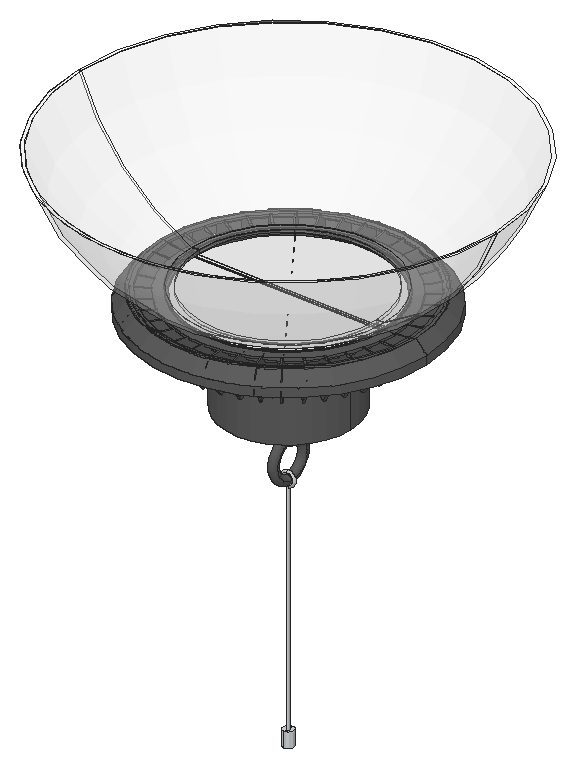
Revit family "0039347+0039358 Feilo Sylvania Lighting Fixture START HIGHBAY 4K 13KLM WIDE with PC LAMPSHADE TRANSPARENT 13_19KLM", category Lighting Fixtures, host Face, Revit 2017
Family settings
  Host = Face
  Round Connector Dimension = Use Diameter
  Part Type = Normal
  OmniClass Number = 23.80.70.00
  OmniClass Title = Lighting
  Cut with Voids When Loaded = No
  Light Source = Yes
  Shared = No
  Room Calculation Point = No
Parameters (values of type "0039347+0039358 START HIGHBAY 4K 13KLM WIDE PC LAMPSHADE TRANSPARENT 13/19KLM")
  WidthStraight_FEILO = if(SizeS_FEILO, 3 mm, if(SizeM_FEILO, 4 mm, 4.7 mm))  # 3 mm
  WidthRingChamfer_FEILO = if(SizeS_FEILO, 10.3 mm, if(SizeM_FEILO, 11.2 mm, 12.9 mm))  # 10.3 mm
  WidthCurved_FEILO = if(SizeS_FEILO, 17.4 mm, if(SizeM_FEILO, 16.4 mm, 26.2 mm))  # 17.4 mm
  WidthCurvedRing_FEILO = if(SizeS_FEILO, 3 mm, if(SizeM_FEILO, 4 mm, 4.7 mm))  # 3 mm
  WidthBracket_FEILO = 40 mm
  Weight = "3.0 kg"
  Wattage Comments = ""
  Wattage = 100 W
  WarrantyStartDate [instance] = "n/a"
  WarrantyGuarantorParts = "n/a"
  WarrantyDurationUnit = "n/a"
  WarrantyDurationParts = "n/a"
  WarrantyDescription = "n/a"
  built-in parameter 1150110 = 1 (stored number, unit not read)
  Voltage = 230 V
  VisibilityBracket_FEILO = no
  URL = "http://www.sylvania-lighting.com"
  TypeName = "START HIGHBAY 4K 13KLM WIDE PC LAMPSHADE TRANSPARENT 13/19KLM"
  Type Image = <None>
  Type Comments = "n/a"
  built-in parameter 1114217 = 1 (stored number, unit not read)
  Tilt Angle = -90.00°
  ThicknessWall_FEILO = 1.5 mm
  ThicknessBracket_FEILO = 1.5 mm
  ThicknessBracketHalf_FEILO = ThicknessBracket_FEILO / 2  # 0.75 mm
  built-in parameter 1150109 = 1 (stored number, unit not read)
  built-in parameter 1150134 = 12
  SuspensionHeight_FEILO [instance] = 400 mm
  built-in parameter 1150113 = 1 (stored number, unit not read)
  SizeS_FEILO = yes
  SizeM_FEILO = no
  ShadeThickness_FEILO = 3 mm
  ShadeSizeSM_FEILO = or(SizeS_FEILO, SizeM_FEILO)  # yes
  ShadeRadiusOut_FEILO = 205 mm
  ShadeRadiusIn_FEILO = if(ShadeSizeSM_FEILO, 95 mm, 121 mm)  # 95 mm
  ShadeRadiusBend_FEILO = if(ShadeSizeSM_FEILO, 210 mm, 210 mm)  # 210 mm
  ShadeHeight_FEILO = if(ShadeSizeSM_FEILO, 120 mm, 151 mm)  # 120 mm
  SerialNumber [instance] = "n/a"
  Rib4_FEILO = if(SizeS_FEILO, 18.1 mm, if(SizeM_FEILO, 13.6 mm, 14.6 mm))  # 18.1 mm
  Rib3_FEILO = if(SizeS_FEILO, 15.3 mm, if(SizeM_FEILO, 17.6 mm, 20.2 mm))  # 15.3 mm
  Rib2_FEILO = if(SizeS_FEILO, 3.6 mm, if(SizeM_FEILO, 3.9 mm, 4.5 mm))  # 3.6 mm
  Rib1_FEILO = if(SizeS_FEILO, 15.1 mm, if(SizeM_FEILO, 16.5 mm, 19 mm))  # 15.1 mm
  RadiusDiffuser_FEILO = if(SizeS_FEILO, 95.2 mm, if(SizeM_FEILO, 105.3 mm, 120 mm))  # 95.2 mm
  RadiusArrayPost_FEILO = DriverRadius_FEILO - 6 mm  # 55.4 mm
  RHRadius3_FEILO = if(SizeS_FEILO, 6.6 mm, if(SizeM_FEILO, 7.4 mm, 8.6 mm))  # 6.6 mm
  RHRadius2_FEILO = if(SizeS_FEILO, 11 mm, if(SizeM_FEILO, 12 mm, 14 mm))  # 11 mm
  RHRadius1_FEILO = if(SizeS_FEILO, 13.6 mm, if(SizeM_FEILO, 14.9 mm, 17.7 mm))  # 13.6 mm
  RHHeight4_FEILO = if(SizeS_FEILO, 7.3 mm, if(SizeM_FEILO, 8 mm, 9.2 mm))  # 7.3 mm
  RHHeight3_FEILO = if(SizeS_FEILO, 3.6 mm, if(SizeM_FEILO, 3.7 mm, 4.6 mm))  # 3.6 mm
  RHHeight2_FEILO = if(SizeS_FEILO, 2 mm, if(SizeM_FEILO, 2.2 mm, 2.6 mm))  # 2 mm
  RHHeight1_FEILO = if(SizeS_FEILO, 11.8 mm, if(SizeM_FEILO, 15.3 mm, 17.4 mm))  # 11.8 mm
  Photometric Web File = "0039347+0039358.ies"
  Material_5_FEILO = Shade-Sylvania-StartHighbay-PC
  Material_3_FEILO = LED-Sylvania-StartHighbay-Glow
  PowerFactor = 0.95
  PowerConsumption = "100 W"
  NominalLength = 270 mm
  NominalHeight = 170 mm
  NominalDepth = 270 mm
  Name = "START HIGHBAY 4K 13KLM WIDE PC LAMPSHADE TRANSPARENT 13/19KLM"
  ModelReference = Name  # "START HIGHBAY 4K 13KLM WIDE PC LAMPSHADE TRANSPARENT 13/19KLM"
  ModelNumber = "0039347+0039358"
  Model = Name  # "START HIGHBAY 4K 13KLM WIDE PC LAMPSHADE TRANSPARENT 13/19KLM"
  Material = "aluminium alloy housing, polycarbonate diffuser"
  ManufacturerName = "Feilo Sylvania"
  Manufacturer = "Feilo Sylvania"
  LuminousEfficacy = "130 lm/W"
  built-in parameter 1150105 = 7236.1 (stored number, unit not read)
  Lumens = 13000 lm
  LuminaireType = ""
  built-in parameter 1150115 = 1 (stored number, unit not read)
  LightOutputRatio = "n/a"
  built-in parameter 1150137 = (empty or 0)
  built-in parameter 1150139 = (empty or 0)
  LampsType = Lamp  # "LED"
  LampNominalLuminous = "13000 lm"
  LampMacAdamStep = "n/a"
  LampColourTemperature = "4000 K"
  LampColourRenderingIndex = "80"
  built-in parameter 1150112 = 1 (stored number, unit not read)
  built-in parameter 1150114 = 1 (stored number, unit not read)
  Lamp = "LED"
  Keynote = "16500"
  InstallationDate [instance] = "n/a"
  InputVoltage = "220-240V~"
  InputNominalFrequency = "50/60 Hz"
  built-in parameter 1150132 = (empty or 0)
  built-in parameter 1150102 = (empty or 0)
  built-in parameter 1150107 = 4000 (stored number, unit not read)
  built-in parameter 1150138 = (empty or 0)
  IngressProtection = "IP65"
  ImpactProtectionIndex = "IK08"
  built-in parameter 1150106 = 72.361 (stored number, unit not read)
  IfcExportType = "IfcLightFixtureType"
  IfcExportAs = "IfcLightFixtureType"
  HeightRing_FEILO = if(SizeS_FEILO, 19.8 mm, if(SizeM_FEILO, 32 mm, 36.8 mm))  # 19.8 mm
  HeightRingChamfer_FEILO = if(SizeS_FEILO, 11.7 mm, if(SizeM_FEILO, 23.2 mm, 26.6 mm))  # 11.7 mm
  EyeThickness_FEILO = if(SizeS_FEILO, 8.4 mm, if(SizeM_FEILO, 9.2 mm, 10.5 mm))  # 8.4 mm
  EyeThicknessHalf_FEILO = EyeThickness_FEILO / 2  # 4.2 mm
  EyeInner_FEILO = if(SizeS_FEILO, 13.8 mm, if(SizeM_FEILO, 15.1 mm, 17.3 mm))  # 13.8 mm
  ExpectedLife = 50000
  Emit from Circle Diameter = RadiusDiffuser_FEILO * 2  # 190.4 mm
  Emit Shape Visible in Rendering = no
  ElectricShockClassification = "Class I"
  built-in parameter 1150104 = 12.077 (stored number, unit not read)
  DurationUnit = "hours"
  DriverVerticalStraight_FEILO = if(SizeS_FEILO, 46.5 mm, if(SizeM_FEILO, 49.7 mm, 57 mm))  # 46.5 mm
  DriverVerticalChamfer_FEILO = if(SizeS_FEILO, 7.5 mm, if(SizeM_FEILO, 8.2 mm, 9.5 mm))  # 7.5 mm
  DriverRadius_FEILO = if(SizeS_FEILO, 61.4 mm, if(SizeM_FEILO, 67.2 mm, 76.4 mm))  # 61.4 mm
  DriverRadiusTop_FEILO = if(SizeS_FEILO, 42 mm, if(SizeM_FEILO, 45.3 mm, 52.4 mm))  # 42 mm
  DriverBottom_FEILO = if(SizeS_FEILO, 56 mm, if(SizeM_FEILO, 64.5 mm, 74 mm))  # 56 mm
  DocumentationLiterature = "http://www.sylvania-lighting.com/product/en-int/products/0039347"
  DimmingControlOptions = "n/a"
  Material_2_FEILO = Diffuser-Sylvania-StartHighbay-Transparent
  Radius_FEILO = if(SizeS_FEILO, 135 mm, if(SizeM_FEILO, 148 mm, 169.5 mm))  # 135 mm
  Dimming Lamp Color Temperature Shift = <None>
  DiameterWire_FEILO = 3 mm
  DiameterWireSupport_FEILO = 10 mm
  Description = "START HIGHBAY, includes 1 m cables, black aluminium housing, 13000LM, 100W, 130lm/W, 4000K, Driver current: 2140mA, CR80, 90° beam angle, 1-10V dimmable,  IP65, IK08, 50,000 hrs (L70B50), (LxWxH) 270x270x170mm"
  Default Elevation = 1219.2 mm
  CreatedOn = "2/28/2018"
  CreatedBy = ""
  Cost = 0
  Color Filter = 16777215
  built-in parameter 1114216 [instance] = (empty or 0)
  ClassificationValue = "EF_70_80"
  ClassificationName = "Uniclass2015"
  Material_1_FEILO = Body-Sylvania-StartHighbay-Black
  BarCode [instance] = "n/a"
  built-in parameter 1114218 = 1 (stored number, unit not read)
  built-in parameter 1150133 = 10 (stored number, unit not read)
  AssetType = "Fixed"
  AssetIdentifier [instance] = "n/a"
  Assembly Code = "D5020200"
  Apparent Load = 100 VA
  Material_4_FEILO = Shade-Sylvania-StartHighbay-PC
Reference planes
  plane 1 "Center (Front/Back)": y = 0
  plane 2: z = 0
  plane 3 "Center (Left/Right)": x = 0
  plane 4: z = 400
  plane 5: x = -135
  plane 6: x = -124.7
  plane 7: z = 388.3
  plane 8: z = 380.2
  plane 9: x = -121.7
  plane 10: z = 397.375
  plane 11: x = -104.3
  plane 12: x = -95.2
  plane 13: x = -118.7
  plane 14: z = 398.375
  plane 15: z = 396.375
  plane 16: x = -92.2
  plane 17: z = 395.375
  plane 18: x = -133.5
  plane 19: x = -119.9
  plane 20: z = 376.6
  plane 21: x = -104.6
  plane 22: z = 358.5
  plane 23: x = -20
  plane 24: z = 344
  plane 25: x = -61.4
  plane 26: z = 297.5
  plane 27: x = -42
  plane 28: z = 290
  plane 29: x = -13.6
  plane 30: z = 278.2
  plane 31: z = 276.2
  plane 32: x = -11
  plane 33: z = 272.6
  plane 34: z = 265.3
  plane 35: x = -6.6
  plane 36: z = 251.5
  plane 37: z = 237.7
  plane 38: x = 4.2
  plane 39: x = -4.2
  plane 40: z = 229.3
  plane 41: z = 233.5
  plane 42: x = -129.1
  plane 43: x = -132.5
  plane 44: z = 378.7
  plane 45: x = -123.2
  plane 46: z = 320.75
  plane 47: y = -20
  plane 48: y = 20
  plane 49: x = 135
  plane 50: x = 124.7
  plane 51: x = 133.5
  plane 52: x = 129.1
  plane 53: x = 132.5
  plane 54: x = 123.2
  plane 55: z = 240.7
  plane 56: y = 1.5
  plane 57: y = -1.5
  plane 58: z = 239.2
  plane 59: z = 227.8
  plane 60: z = 226.3
  plane 61: y = -5
  plane 62: y = 5
  plane 63: z = 14
  plane 64: x = -205
  plane 65: z = 520
  plane 66: x = -95
  plane 67: x = -87
  plane 68: x = -202
  plane 69: z = 403
Forms (mm)
  Revolve 1, solid, material "Body-Sylvania-StartHighbay-Black" <- "Material_1_FEILO", detail levels medium+fine
    sketch origin (0, 0, 0) x (1, 0, 0) y (0, 0, 1)
      loop
        line (-135, 380.2) -> (-133.5, 380.2) -> (-133.5, 387.734) -> (-125.012, 397.375) -> (-118.7, 397.375) -> (-118.7, 399.16)
        arc (-118.7, 399.16) -> (-120.206, 399.56) -> (-121.7, 400) r 58.981
        line (-121.7, 400) -> (-124.241, 400)
        arc (-124.241, 400) -> (-124.657, 399.911) -> (-124.999, 399.66) r 1.015
        line (-124.999, 399.66) -> (-135, 388.3) -> (-135, 380.2)
      axis (0, 400) -> (0, 380.2)
    angle from 360 to 0
  Revolve 2, solid, material "Body-Sylvania-StartHighbay-Black" <- "Material_1_FEILO", detail levels medium+fine
    sketch origin (0, 0, 0) x (1, 0, 0) y (0, 0, 1)
      loop
        line (-104.3, 395.375) -> (-95.2, 395.375) -> (-95.2, 388.3) -> (0, 388.3) -> (0, 395.375) -> (-92.2, 395.375) -> (-92.2, 396.375) -> (-95.2, 396.375) -> (-95.2, 397.375) -> (-104.3, 397.375) -> (-104.3, 395.375)
      axis (0, 397.375) -> (0, 388.3)
    angle from 360 to 0
  Revolve 3, solid, material "Diffuser-Sylvania-StartHighbay-Transparent" <- "Material_2_FEILO", detail levels medium+fine
    sketch origin (0, 0, 0) x (1, 0, 0) y (0, 0, 1)
      loop
        line (-95.2, 396.375) -> (0, 396.375) -> (0, 398.375) -> (-95.2, 398.375) -> (-95.2, 396.375)
      axis (0, 398.375) -> (0, 396.375)
    angle from 360 to 0
  Revolve 4, solid, material "Body-Sylvania-StartHighbay-Black" <- "Material_1_FEILO"
    sketch origin (0, 0, 0) x (1, 0, 0) y (0, 0, 1)
      loop
        line (-61.4, 358.5) -> (-61.4, 297.5) -> (-42, 290) -> (-13.6, 290) -> (-13.6, 278.2) -> (-11, 276.2) -> (-11, 272.6) -> (-7.037, 266.026)
        arc (-7.037, 266.026) -> (-6.49, 265.494) -> (-5.753, 265.3) r 1.5
        line (-5.753, 265.3) -> (0, 265.3) -> (0, 358.5) -> (-61.4, 358.5)
      axis (0, 358.5) -> (0, 265.3)
    angle from 360 to 0
  Revolve 5, solid, material "Body-Sylvania-StartHighbay-Black" <- "Material_1_FEILO"
    sketch origin (0, 0, 0) x (1, 0, 0) y (0, 0, 1)
      loop
        circle (0, 233.5) r 4.2
      axis (4.2, 251.5) -> (-4.2, 251.5)
    angle from 360 to 0
  Extrusion 6, solid, material "Body-Sylvania-StartHighbay-Black" <- "Material_1_FEILO", visible <- "VisibilityBracket_FEILO"
    sketch origin (0, 0, 0) x (1, 0, 0) y (0, 0, 1)
      loop
        line (-132.5, 380.2) -> (-132.5, 378.7) -> (-125.45, 378.7)
        arc (-125.45, 378.7) -> (-124.92, 378.48) -> (-124.7, 377.95) r 0.75
        line (-124.7, 377.95) -> (-124.7, 320.75) -> (-123.2, 320.75) -> (-123.2, 378.7)
        arc (-123.2, 378.7) -> (-123.639, 379.761) -> (-124.7, 380.2) r 1.5
        line (-124.7, 380.2) -> (-132.5, 380.2)
      loop
        line (132.5, 380.2) -> (124.7, 380.2)
        arc (124.7, 380.2) -> (123.639, 379.761) -> (123.2, 378.7) r 1.5
        line (123.2, 378.7) -> (123.2, 320.75) -> (124.7, 320.75) -> (124.7, 377.95)
        arc (124.7, 377.95) -> (124.92, 378.48) -> (125.45, 378.7) r 0.75
        line (125.45, 378.7) -> (132.5, 378.7) -> (132.5, 380.2)
    from -20 to 20
  Extrusion 7, void
    sketch origin (0, 0, 0) x (0, 1, 0) y (0, 0, 1)
      loop
        arc (-10, 320.75) -> (-17.071, 323.679) -> (-20, 330.75) r 10
        line (-20, 330.75) -> (-25, 330.75) -> (-25, 315.75) -> (-10, 315.75) -> (-10, 320.75)
      loop
        line (10, 320.75) -> (10, 315.75) -> (25, 315.75) -> (25, 330.75) -> (20, 330.75)
        arc (20, 330.75) -> (17.071, 323.679) -> (10, 320.75) r 10
    from -124.7 to 124.7
  Revolve 8, solid, material "Body-Sylvania-StartHighbay-Black" <- "Material_1_FEILO", detail levels coarse
    sketch origin (0, 0, 0) x (1, 0, 0) y (0, 0, 1)
      loop
        line (0, 400) -> (-124.7, 400) -> (-135, 388.3) -> (-135, 380.2) -> (-119.9, 380.2) -> (-119.9, 376.6) -> (-104.6, 358.5) -> (0, 358.5) -> (0, 400)
      axis (0, 400) -> (0, 358.5)
    angle from 360 to 0
  Revolve 9, solid
    sketch origin (0, 0, 0) x (0, 1, 0) y (0, 0, 1)
      loop
        circle (0, 239.2) r 1.5
      axis (1.5, 233.5) -> (-1.5, 233.5)
    angle from 360 to 0
  Revolve 10, solid
    sketch origin (0, 0, 0) x (0, 1, 0) y (0, 0, 1)
      loop
        line (0, 0) -> (0, 227.8) -> (-1.5, 227.8) -> (-1.5, 14) -> (-5, 14) -> (-5, 0) -> (0, 0)
      axis (0, 0) -> (0, 227.8)
    angle from 360 to 0
  Revolve 11, solid, material "Shade-Sylvania-StartHighbay-PC" <- "Material_4_FEILO"
    sketch origin (0, 0, 0) x (1, 0, 0) y (0, 0, 1)
      loop
        line (-95, 400) -> (-87, 400) -> (-87, 403) -> (-94.341, 403)
        arc (-94.341, 403) -> (-159.747, 450.78) -> (-201.81, 520) r 207
        line (-201.81, 520) -> (-205, 520)
        arc (-205, 520) -> (-162.101, 448.908) -> (-95, 400) r 210
      axis (0, 520) -> (0, 400)
    angle from 360 to 0
Cuts and joins
  Extrusion 7 cuts Extrusion 6
Lines and regions (mm)
  reference lines
    curve 1: line (-135, 0, 388.3) -> (-124.7, 0, 400)
    curve 2: line (-104.3, 0, 397.375) -> (0, 0, 397.375)
    curve 3: arc (-104.3, 0, 397.375) -> (-113.098, 0, 398.035) -> (-121.7, 0, 400) r 58.981
    curve 4: line (-124.7, 0, 400) -> (-121.7, 0, 400)
    curve 5: line (-125.012, 0, 397.375) -> (-133.5, 0, 387.734)
    curve 6: line (-119.9, 0, 376.6) -> (-104.6, 0, 358.5)
    curve 7: line (-11, 0, 272.6) -> (-6.6, 0, 265.3)
    curve 8: circle (0, 0, 233.5) r 4.2 normal (0, -1, 0)
    curve 9: arc (-95, 0, 400) -> (-162.101, 0, 448.908) -> (-205, 0, 520) r 210
Dimensions and locks
  "Radius_FEILO": plane 3 "Center (Left/Right)" to plane 5
  "WidthRingChamfer_FEILO": plane 6 to plane 5
  "WidthStraight_FEILO": plane 9 to plane 6
  "WidthCurvedRing_FEILO": plane 13 to plane 9
  locked: plane 10 to plane 15 at 1
  locked: plane 14 to plane 10 at 1
  locked: plane 4 to plane 10 at 2.625
  locked: plane 15 to plane 17 at 1
  "ThicknessWall_FEILO": plane 18 to plane 5
  "ThicknessWall_FEILO": curve 5 to curve 1
  "HeightRingChamfer_FEILO": plane 4 to plane 7
  "HeightRing_FEILO": plane 4 to plane 8
  "RadiusDiffuser_FEILO": plane 3 "Center (Left/Right)" to plane 12
  locked: plane 16 to plane 12 at 3
  "WidthCurved_FEILO": plane 11 to plane 9
  "SuspensionHeight_FEILO": plane 4 to plane 2
  "Rib1_FEILO": plane 19 to plane 5
  "Rib2_FEILO": plane 8 to plane 20
  "Rib3_FEILO": plane 21 to plane 19
  "Rib4_FEILO": plane 20 to plane 22
  locked: plane 3 "Center (Left/Right)" to plane 23 at 20
  "DriverBottom_FEILO": plane 4 to plane 24
  "DriverRadius_FEILO": plane 3 "Center (Left/Right)" to plane 25
  "DriverVerticalStraight_FEILO": plane 24 to plane 26
  "DriverRadiusTop_FEILO": plane 3 "Center (Left/Right)" to plane 27
  "DriverVerticalChamfer_FEILO": plane 26 to plane 28
  "RHRadius1_FEILO": plane 3 "Center (Left/Right)" to plane 29
  "RHHeight2_FEILO": plane 30 to plane 31
  "RHRadius2_FEILO": plane 3 "Center (Left/Right)" to plane 32
  "RHHeight3_FEILO": plane 31 to plane 33
  "RHHeight4_FEILO": plane 33 to plane 34
  "RHRadius3_FEILO": plane 3 "Center (Left/Right)" to plane 35
  "RHHeight1_FEILO": plane 28 to plane 30
  "EyeInner_FEILO": plane 34 to plane 36
  "EyeInner_FEILO": plane 36 to plane 37
  equal spacing: plane 38, plane 3 "Center (Left/Right)", plane 39
  "EyeThickness_FEILO": plane 38 to plane 39
  "EyeThickness_FEILO": plane 37 to plane 40
  equal spacing: plane 37, plane 41, plane 40
  equal spacing: plane 6, plane 42, plane 18
  "ThicknessBracket_FEILO": plane 45 to plane 6
  "ThicknessBracket_FEILO": plane 8 to plane 44
  locked: plane 43 to plane 18 at 1
  equal spacing: plane 24, plane 46, plane 26
  equal spacing: plane 47, plane 1 "Center (Front/Back)", plane 48
  "WidthBracket_FEILO": plane 47 to plane 48
  "WidthRingChamfer_FEILO": plane 50 to plane 49
  "ThicknessWall_FEILO": plane 51 to plane 49
  equal spacing: plane 50, plane 52, plane 51
  "ThicknessBracket_FEILO": plane 54 to plane 50
  locked: plane 53 to plane 51 at 1
  "Radius_FEILO": plane 49 to plane 3 "Center (Left/Right)"
  equal spacing: plane 57, imposter light, plane 56
  "DiameterWire_FEILO": plane 57 to plane 56
  "DiameterWire_FEILO": plane 37 to plane 55
  equal spacing: plane 37, plane 58, plane 55
  "DiameterWire_FEILO": plane 60 to plane 40
  equal spacing: plane 60, plane 59, plane 40
  equal spacing: plane 61, plane 1 "Center (Front/Back)", plane 62
  "DiameterWireSupport_FEILO": plane 61 to plane 62
  locked: plane 63 to plane 2 at 14
  "ShadeRadiusOut_FEILO": plane 3 "Center (Left/Right)" to plane 64
  "ShadeHeight_FEILO": plane 65 to plane 4
  "ShadeRadiusIn_FEILO": plane 3 "Center (Left/Right)" to plane 66
  locked: plane 67 to plane 66 at 8
  "ShadeThickness_FEILO": plane 69 to plane 4
  "ShadeThickness_FEILO": plane 68 to plane 64
  "EyeThicknessHalf_FEILO": radius of curve 8
  "ThicknessBracket_FEILO": radius of Extrusion 6 sketch curve  (x2)
  "ThicknessBracketHalf_FEILO": radius of Extrusion 6 sketch curve  (x2)
  "DiameterWire_FEILO": diameter of Revolve 9 sketch curve
  "ShadeRadiusBend_FEILO": radius of curve 9
  aligned and locked: plane 2 to host face
  aligned and locked: level to host face
  aligned and locked: plane 5 to curve 1
  aligned and locked: plane 6 to curve 1
  aligned and locked: plane 7 to curve 1
  aligned and locked: plane 10 to curve 2
  aligned and locked: plane 9 to curve 3
  aligned and locked: plane 4 to curve 3
  aligned and locked: plane 11 to curve 3
  aligned and locked: plane 4 to curve 4
  aligned and locked: plane 18 to curve 5
  aligned and locked: plane 10 to curve 5
  aligned and locked: Revolve 1 sketch curve to plane 3 "Center (Left/Right)"
  aligned and locked: Revolve 1 sketch curve to curve 3
  aligned and locked: Revolve 1 sketch curve to curve 1
  aligned and locked: plane 4 to Revolve 1 sketch curve
  aligned and locked: plane 9 to Revolve 1 sketch curve
  aligned and locked: Revolve 1 sketch curve to plane 13
  aligned and locked: Revolve 1 sketch curve to plane 10
  aligned and locked: plane 13 to Revolve 1 sketch curve
  aligned and locked: plane 10 to Revolve 1 sketch curve
  aligned and locked: Revolve 1 sketch curve to plane 18
  aligned and locked: Revolve 1 sketch curve to plane 8
  aligned and locked: plane 5 to Revolve 1 sketch curve  (x2)
  aligned and locked: Revolve 2 sketch curve to plane 3 "Center (Left/Right)"
  aligned and locked: plane 11 to Revolve 2 sketch curve
  aligned and locked: Revolve 2 sketch curve to curve 2
  aligned and locked: plane 15 to Revolve 2 sketch curve
  aligned and locked: Revolve 2 sketch curve to plane 16
  aligned and locked: plane 17 to Revolve 2 sketch curve  (x2)
  aligned and locked: Revolve 2 sketch curve to plane 12
  aligned and locked: plane 7 to Revolve 2 sketch curve
  aligned and locked: Revolve 3 sketch curve to plane 3 "Center (Left/Right)"
  aligned and locked: Revolve 3 sketch curve to plane 14
  aligned and locked: plane 3 "Center (Left/Right)" to Revolve 3 sketch curve
  aligned and locked: Revolve 3 sketch curve to plane 12
  aligned and locked: plane 15 to Revolve 3 sketch curve
  aligned and locked: Revolve 1 sketch curve to curve 5
  aligned and locked: plane 22 to curve 6
  aligned and locked: plane 21 to curve 6
  aligned and locked: plane 20 to curve 6
  aligned and locked: plane 19 to curve 6
  aligned and locked: plane 33 to curve 7
  aligned and locked: plane 32 to curve 7
  aligned and locked: plane 35 to curve 7
  aligned and locked: plane 34 to curve 7
  aligned and locked: Revolve 4 sketch curve to plane 3 "Center (Left/Right)"
  aligned and locked: Revolve 4 sketch curve to plane 25
  aligned and locked: plane 27 to Revolve 4 sketch curve
  aligned and locked: plane 28 to Revolve 4 sketch curve
  aligned and locked: plane 30 to Revolve 4 sketch curve
  aligned and locked: Revolve 4 sketch curve to plane 29
  aligned and locked: plane 31 to Revolve 4 sketch curve
  aligned and locked: Revolve 4 sketch curve to curve 7
  aligned and locked: Revolve 4 sketch curve to plane 32
  aligned and locked: plane 34 to Revolve 4 sketch curve
  aligned and locked: plane 3 "Center (Left/Right)" to Revolve 4 sketch curve
  aligned and locked: plane 3 "Center (Left/Right)" to curve 8
  aligned and locked: plane 41 to curve 8
  aligned and locked: Revolve 5 sketch curve to plane 36
  aligned and locked: Revolve 5 sketch curve to curve 8
  aligned and locked: plane 43 to Extrusion 6 sketch curve  (x2)
  aligned and locked: plane 8 to Extrusion 6 sketch curve  (x3)
  aligned and locked: Extrusion 6 sketch curve to plane 45
  aligned and locked: Extrusion 6 sketch curve to plane 46  (x2)
  aligned and locked: plane 6 to Extrusion 6 sketch curve
  aligned and locked: Extrusion 6 sketch curve to plane 44  (x2)
  aligned and locked: Extrusion 6 to plane 48
  aligned and locked: plane 47 to Extrusion 6
  aligned and locked: plane 53 to Extrusion 6 sketch curve
  aligned and locked: plane 50 to Extrusion 6 sketch curve
  aligned and locked: Extrusion 6 sketch curve to plane 54
  aligned and locked: Extrusion 7 sketch curve to Extrusion 7 sketch curve
  aligned and locked: Extrusion 7 to plane 6
  aligned and locked: Extrusion 7 to Extrusion 6
  aligned and locked: Revolve 4 sketch curve to plane 22
  aligned and locked: plane 23 to nested 1
  aligned and locked: plane 1 "Center (Front/Back)" to nested 1
  aligned and locked: Revolve 8 sketch curve to plane 3 "Center (Left/Right)"
  aligned and locked: Revolve 8 sketch curve to plane 4
  aligned and locked: plane 6 to Revolve 8 sketch curve
  aligned and locked: plane 4 to Revolve 8 sketch curve
  aligned and locked: plane 7 to Revolve 8 sketch curve
  aligned and locked: Revolve 8 sketch curve to plane 5
  aligned and locked: plane 8 to Revolve 8 sketch curve  (x2)
  aligned and locked: Revolve 8 sketch curve to plane 19
  aligned and locked: plane 20 to Revolve 8 sketch curve
  aligned and locked: plane 19 to Revolve 8 sketch curve
  aligned and locked: plane 21 to Revolve 8 sketch curve
  aligned and locked: plane 22 to Revolve 8 sketch curve  (x2)
  aligned and locked: Revolve 8 sketch curve to Revolve 8 sketch curve
  aligned and locked: imposter light to plane 4
  aligned and locked: plane 3 "Center (Left/Right)" to imposter light
  aligned and locked: imposter light to plane 1 "Center (Front/Back)"
  aligned and locked: Revolve 9 sketch curve to plane 41
  aligned and locked: Revolve 10 sketch curve to plane 1 "Center (Front/Back)"
  aligned and locked: plane 1 "Center (Front/Back)" to Revolve 10 sketch curve  (x2)
  aligned and locked: host face to Revolve 10 sketch curve
  aligned and locked: plane 63 to Revolve 10 sketch curve
  aligned and locked: Revolve 10 sketch curve to plane 61
  aligned and locked: Revolve 10 sketch curve to plane 57
  aligned and locked: plane 59 to Revolve 10 sketch curve
  aligned and locked: plane 64 to curve 9
  aligned and locked: plane 65 to curve 9
  aligned and locked: plane 66 to curve 9
  aligned and locked: plane 4 to curve 9
  aligned and locked: Revolve 11 sketch curve to curve 9
  aligned and locked: plane 67 to Revolve 11 sketch curve
  aligned and locked: plane 66 to Revolve 11 sketch curve
  aligned and locked: plane 65 to Revolve 11 sketch curve  (x2)
  aligned and locked: Revolve 11 sketch curve to plane 67
  aligned and locked: plane 69 to Revolve 11 sketch curve
Automatic sketch dimensions
  host sketch curve to host sketch curve = 2438.4 mm  (x2)
  Revolve 1 sketch curve to plane 6 = 0.299 mm
  plane 6 to Revolve 1 sketch curve = 0.459 mm
  Revolve 1 sketch curve to level = 609.6 mm
  Revolve 1 sketch curve to Revolve 1 sketch curve = 2312.223 mm
  Revolve 2 sketch curve to plane 12 = 0 mm
  Revolve 2 sketch curve to plane 3 "Center (Left/Right)" = 0 mm
  Revolve 2 sketch curve to level = 609.6 mm
  Revolve 2 sketch curve to plane 4 = 2339.058 mm
  Revolve 3 sketch curve to level = 609.6 mm
  Revolve 3 sketch curve to plane 4 = 2339.058 mm
  Revolve 5 sketch curve to plane 5 = 1080 mm
  plane 38 to Revolve 5 sketch curve = 1219.2 mm
  Extrusion 7 sketch curve to plane 47 = 0 mm
  plane 46 to Extrusion 7 sketch curve = 0 mm  (x2)
  Extrusion 7 sketch curve to plane 48 = 0 mm
  plane 47 to Extrusion 7 sketch curve = 5 mm
  plane 1 "Center (Front/Back)" to Extrusion 7 sketch curve = 10 mm
  Extrusion 7 sketch curve to Extrusion 7 sketch curve = 10 mm
  plane 46 to Extrusion 7 sketch curve = 5 mm
  Extrusion 7 sketch curve to Extrusion 7 sketch curve = 5 mm
  Extrusion 7 sketch curve to plane 48 = 5 mm
  Revolve 4 sketch curve to plane 26 = 0 mm
  Revolve 4 sketch curve to plane 35 = 0.437 mm
  plane 35 to Revolve 4 sketch curve = 0.847 mm
  Revolve 4 sketch curve to plane 34 = 0.726 mm
  plane 40 to Revolve 4 sketch curve = 590.2 mm
  Revolve 4 sketch curve to plane 4 = 2339.058 mm
  Revolve 8 sketch curve to level = 609.6 mm
  Revolve 8 sketch curve to Revolve 8 sketch curve = 2386.058 mm
  Revolve 9 sketch curve to plane 1 "Center (Front/Back)" = 0 mm
  plane 58 to Revolve 9 sketch curve = 0 mm
  plane 47 to Revolve 9 sketch curve = 2534.941 mm
  Revolve 9 sketch curve to plane 48 = 2077.409 mm
  Revolve 10 sketch curve to Revolve 10 sketch curve = 609.6 mm
  Revolve 10 sketch curve to plane 4 = 2123.807 mm
  curve 2 to plane 3 "Center (Left/Right)" = 0 mm
  Revolve 11 sketch curve to Revolve 11 sketch curve = 0 mm  (x2)
  Revolve 11 sketch curve to plane 3 "Center (Left/Right)" = 0 mm
  plane 66 to Revolve 11 sketch curve = 0.659 mm
  Revolve 11 sketch curve to level = 609.6 mm
  Revolve 11 sketch curve to Revolve 11 sketch curve = 2068.248 mm
Nested families
  nested 1: "Start Highbay Rib" at (0, 0, 397.375), type "Type Name", detail levels medium+fine
    with SuspensionHeight_FEILO 2.6 mm
  nested 2: "Start Highbay Rib" at (0, 0, 397.375) x (0.9877, 0.1564, 0) z (0, 0, 1), type "Type Name", detail levels medium+fine
    with SuspensionHeight_FEILO 2.6 mm
  nested 3: "Start Highbay Rib" at (0, 0, 397.375) x (0.9511, 0.309, 0) z (0, 0, 1), type "Type Name", detail levels medium+fine
    with SuspensionHeight_FEILO 2.6 mm
  nested 4: "Start Highbay Rib" at (0, 0, 397.375) x (0.891, 0.454, 0) z (0, 0, 1), type "Type Name", detail levels medium+fine
    with SuspensionHeight_FEILO 2.6 mm
  nested 5: "Start Highbay Rib" at (0, 0, 397.375) x (0.809, 0.5878, 0) z (0, 0, 1), type "Type Name", detail levels medium+fine
    with SuspensionHeight_FEILO 2.6 mm
  nested 6: "Start Highbay Rib" at (0, 0, 397.375) x (0.7071, 0.7071, 0) z (0, 0, 1), type "Type Name", detail levels medium+fine
    with SuspensionHeight_FEILO 2.6 mm
  nested 7: "Start Highbay Rib" at (0, 0, 397.375) x (0.5878, 0.809, 0) z (0, 0, 1), type "Type Name", detail levels medium+fine
    with SuspensionHeight_FEILO 2.6 mm
  nested 8: "Start Highbay Rib" at (0, 0, 397.375) x (0.454, 0.891, 0) z (0, 0, 1), type "Type Name", detail levels medium+fine
    with SuspensionHeight_FEILO 2.6 mm
  nested 9: "Start Highbay Rib" at (0, 0, 397.375) x (0.309, 0.9511, 0) z (0, 0, 1), type "Type Name", detail levels medium+fine
    with SuspensionHeight_FEILO 2.6 mm
  nested 10: "Start Highbay Rib" at (0, 0, 397.375) x (0.1564, 0.9877, 0) z (0, 0, 1), type "Type Name", detail levels medium+fine
    with SuspensionHeight_FEILO 2.6 mm
  nested 11: "Start Highbay Rib" at (0, 0, 397.375) x (0, 1, 0) z (0, 0, 1), type "Type Name", detail levels medium+fine
    with SuspensionHeight_FEILO 2.6 mm
  nested 12: "Start Highbay Rib" at (0, 0, 397.375) x (-0.1564, 0.9877, 0) z (0, 0, 1), type "Type Name", detail levels medium+fine
    with SuspensionHeight_FEILO 2.6 mm
  nested 13: "Start Highbay Rib" at (0, 0, 397.375) x (-0.309, 0.9511, 0) z (0, 0, 1), type "Type Name", detail levels medium+fine
    with SuspensionHeight_FEILO 2.6 mm
  nested 14: "Start Highbay Rib" at (0, 0, 397.375) x (-0.454, 0.891, 0) z (0, 0, 1), type "Type Name", detail levels medium+fine
    with SuspensionHeight_FEILO 2.6 mm
  nested 15: "Start Highbay Rib" at (0, 0, 397.375) x (-0.5878, 0.809, 0) z (0, 0, 1), type "Type Name", detail levels medium+fine
    with SuspensionHeight_FEILO 2.6 mm
  nested 16: "Start Highbay Rib" at (0, 0, 397.375) x (-0.7071, 0.7071, 0) z (0, 0, 1), type "Type Name", detail levels medium+fine
    with SuspensionHeight_FEILO 2.6 mm
  nested 17: "Start Highbay Rib" at (0, 0, 397.375) x (-0.809, 0.5878, 0) z (0, 0, 1), type "Type Name", detail levels medium+fine
    with SuspensionHeight_FEILO 2.6 mm
  nested 18: "Start Highbay Rib" at (0, 0, 397.375) x (-0.891, 0.454, 0) z (0, 0, 1), type "Type Name", detail levels medium+fine
    with SuspensionHeight_FEILO 2.6 mm
  nested 19: "Start Highbay Rib" at (0, 0, 397.375) x (-0.9511, 0.309, 0) z (0, 0, 1), type "Type Name", detail levels medium+fine
    with SuspensionHeight_FEILO 2.6 mm
  nested 20: "Start Highbay Rib" at (0, 0, 397.375) x (-0.9877, 0.1564, 0) z (0, 0, 1), type "Type Name", detail levels medium+fine
    with SuspensionHeight_FEILO 2.6 mm
  nested 21: "Start Highbay Rib" at (0, 0, 397.375) x (-1, 0, 0) z (0, 0, 1), type "Type Name", detail levels medium+fine
    with SuspensionHeight_FEILO 2.6 mm
  nested 22: "Start Highbay Rib" at (0, 0, 397.375) x (-0.9877, -0.1564, 0) z (0, 0, 1), type "Type Name", detail levels medium+fine
    with SuspensionHeight_FEILO 2.6 mm
  nested 23: "Start Highbay Rib" at (0, 0, 397.375) x (-0.9511, -0.309, 0) z (0, 0, 1), type "Type Name", detail levels medium+fine
    with SuspensionHeight_FEILO 2.6 mm
  nested 24: "Start Highbay Rib" at (0, 0, 397.375) x (-0.891, -0.454, 0) z (0, 0, 1), type "Type Name", detail levels medium+fine
    with SuspensionHeight_FEILO 2.6 mm
  nested 25: "Start Highbay Rib" at (0, 0, 397.375) x (-0.809, -0.5878, 0) z (0, 0, 1), type "Type Name", detail levels medium+fine
    with SuspensionHeight_FEILO 2.6 mm
  nested 26: "Start Highbay Rib" at (0, 0, 397.375) x (-0.7071, -0.7071, 0) z (0, 0, 1), type "Type Name", detail levels medium+fine
    with SuspensionHeight_FEILO 2.6 mm
  nested 27: "Start Highbay Rib" at (0, 0, 397.375) x (-0.5878, -0.809, 0) z (0, 0, 1), type "Type Name", detail levels medium+fine
    with SuspensionHeight_FEILO 2.6 mm
  nested 28: "Start Highbay Rib" at (0, 0, 397.375) x (-0.454, -0.891, 0) z (0, 0, 1), type "Type Name", detail levels medium+fine
    with SuspensionHeight_FEILO 2.6 mm
  nested 29: "Start Highbay Rib" at (0, 0, 397.375) x (-0.309, -0.9511, 0) z (0, 0, 1), type "Type Name", detail levels medium+fine
    with SuspensionHeight_FEILO 2.6 mm
  nested 30: "Start Highbay Rib" at (0, 0, 397.375) x (-0.1564, -0.9877, 0) z (0, 0, 1), type "Type Name", detail levels medium+fine
    with SuspensionHeight_FEILO 2.6 mm
  nested 31: "Start Highbay Rib" at (0, 0, 397.375) x (0, -1, 0) z (0, 0, 1), type "Type Name", detail levels medium+fine
    with SuspensionHeight_FEILO 2.6 mm
  nested 32: "Start Highbay Rib" at (0, 0, 397.375) x (0.1564, -0.9877, 0) z (0, 0, 1), type "Type Name", detail levels medium+fine
    with SuspensionHeight_FEILO 2.6 mm
  nested 33: "Start Highbay Rib" at (0, 0, 397.375) x (0.309, -0.9511, 0) z (0, 0, 1), type "Type Name", detail levels medium+fine
    with SuspensionHeight_FEILO 2.6 mm
  nested 34: "Start Highbay Rib" at (0, 0, 397.375) x (0.454, -0.891, 0) z (0, 0, 1), type "Type Name", detail levels medium+fine
    with SuspensionHeight_FEILO 2.6 mm
  nested 35: "Start Highbay Rib" at (0, 0, 397.375) x (0.5878, -0.809, 0) z (0, 0, 1), type "Type Name", detail levels medium+fine
    with SuspensionHeight_FEILO 2.6 mm
  nested 36: "Start Highbay Rib" at (0, 0, 397.375) x (0.7071, -0.7071, 0) z (0, 0, 1), type "Type Name", detail levels medium+fine
    with SuspensionHeight_FEILO 2.6 mm
  nested 37: "Start Highbay Rib" at (0, 0, 397.375) x (0.809, -0.5878, 0) z (0, 0, 1), type "Type Name", detail levels medium+fine
    with SuspensionHeight_FEILO 2.6 mm
  nested 38: "Start Highbay Rib" at (0, 0, 397.375) x (0.891, -0.454, 0) z (0, 0, 1), type "Type Name", detail levels medium+fine
    with SuspensionHeight_FEILO 2.6 mm
  nested 39: "Start Highbay Rib" at (0, 0, 397.375) x (0.9511, -0.309, 0) z (0, 0, 1), type "Type Name", detail levels medium+fine
    with SuspensionHeight_FEILO 2.6 mm
  nested 40: "Start Highbay Rib" at (0, 0, 397.375) x (0.9877, -0.1564, 0) z (0, 0, 1), type "Type Name", detail levels medium+fine
    with SuspensionHeight_FEILO 2.6 mm
Connectors
  electrical at (0, 0, 0), driven by "Apparent Load", driven by "PowerFactor", driven by "Voltage"
    settings: index 1, voltage 230 V, apparent load 100 VA, apparent load phase1 0 VA, apparent load phase2 0 VA, apparent load phase3 0 VA, power factor 0.95, load classification "Lighting", number of poles 1, system type 30, power factor state 1, is connector primary yes, connector utility no, sub classification motor no, connector description ""
Definition of nested family "Start Highbay Rib"
  Parameters (values of type "Type Name")
    WidthStraight_FEILO = if(SizeS_FEILO, 3 mm, if(SizeM_FEILO, 4 mm, 4.7 mm))  # 3 mm
    WidthRingChamfer_FEILO = if(SizeS_FEILO, 10.3 mm, if(SizeM_FEILO, 11.2 mm, 12.9 mm))  # 10.3 mm
    WidthCurved_FEILO = if(SizeS_FEILO, 17.4 mm, if(SizeM_FEILO, 16.4 mm, 26.2 mm))  # 17.4 mm
    WidthCurvedRing_FEILO = if(SizeS_FEILO, 3 mm, if(SizeM_FEILO, 4 mm, 4.7 mm))  # 3 mm
    WidthBracket_FEILO = 40 mm
    URL = "http://www.feilosylvania.com"
    Type Image = (empty or 0)
    Type Comments = "n/a"
    ThicknessWall_FEILO = 1.5 mm
    ThicknessBracket_FEILO = 1.5 mm
    ThicknessBracketHalf_FEILO = ThicknessBracket_FEILO / 2  # 0.75 mm
    SuspensionHeight_FEILO [instance] = 2.6 mm
    SizeS_FEILO = yes
    SizeM_FEILO = no
    Rib4_FEILO = if(SizeS_FEILO, 18.1 mm, if(SizeM_FEILO, 13.6 mm, 14.6 mm))  # 18.1 mm
    Rib3_FEILO = if(SizeS_FEILO, 15.3 mm, if(SizeM_FEILO, 17.6 mm, 20.2 mm))  # 15.3 mm
    Rib2_FEILO = if(SizeS_FEILO, 3.6 mm, if(SizeM_FEILO, 3.9 mm, 4.5 mm))  # 3.6 mm
    Rib1_FEILO = if(SizeS_FEILO, 15.1 mm, if(SizeM_FEILO, 16.5 mm, 19 mm))  # 15.1 mm
    RadiusRib_FEILO = 2 mm
    RadiusDiffuser_FEILO = if(SizeS_FEILO, 95.2 mm, if(SizeM_FEILO, 105.3 mm, 120 mm))  # 95.2 mm
    RHRadius3_FEILO = if(SizeS_FEILO, 6.6 mm, if(SizeM_FEILO, 7.4 mm, 8.6 mm))  # 6.6 mm
    RHRadius2_FEILO = if(SizeS_FEILO, 11 mm, if(SizeM_FEILO, 12 mm, 14 mm))  # 11 mm
    RHRadius1_FEILO = if(SizeS_FEILO, 13.6 mm, if(SizeM_FEILO, 14.9 mm, 17.7 mm))  # 13.6 mm
    RHHeight4_FEILO = if(SizeS_FEILO, 7.3 mm, if(SizeM_FEILO, 8 mm, 9.2 mm))  # 7.3 mm
    RHHeight3_FEILO = if(SizeS_FEILO, 3.6 mm, if(SizeM_FEILO, 3.7 mm, 4.6 mm))  # 3.6 mm
    RHHeight2_FEILO = if(SizeS_FEILO, 2 mm, if(SizeM_FEILO, 2.2 mm, 2.6 mm))  # 2 mm
    RHHeight1_FEILO = if(SizeS_FEILO, 11.8 mm, if(SizeM_FEILO, 15.3 mm, 17.4 mm))  # 11.8 mm
    Material_3_FEILO = none
    Model = ""
    Manufacturer = "Feilo Sylvania"
    Keynote = "16500"
    HeightRing_FEILO = if(SizeS_FEILO, 19.8 mm, if(SizeM_FEILO, 32 mm, 36.8 mm))  # 19.8 mm
    HeightRingChamfer_FEILO = if(SizeS_FEILO, 11.7 mm, if(SizeM_FEILO, 23.2 mm, 26.6 mm))  # 11.7 mm
    EyeThickness_FEILO = if(SizeS_FEILO, 8.4 mm, if(SizeM_FEILO, 9.2 mm, 10.5 mm))  # 8.4 mm
    EyeThicknessHalf_FEILO = EyeThickness_FEILO / 2  # 4.2 mm
    EyeInner_FEILO = if(SizeS_FEILO, 13.8 mm, if(SizeM_FEILO, 15.1 mm, 17.3 mm))  # 13.8 mm
    DriverVerticalStraight_FEILO = if(SizeS_FEILO, 46.5 mm, if(SizeM_FEILO, 49.7 mm, 57 mm))  # 46.5 mm
    DriverVerticalChamfer_FEILO = if(SizeS_FEILO, 7.5 mm, if(SizeM_FEILO, 8.2 mm, 9.5 mm))  # 7.5 mm
    DriverRadius_FEILO = if(SizeS_FEILO, 61.4 mm, if(SizeM_FEILO, 67.2 mm, 76.4 mm))  # 61.4 mm
    DriverRadiusTop_FEILO = if(SizeS_FEILO, 42 mm, if(SizeM_FEILO, 45.3 mm, 52.4 mm))  # 42 mm
    DriverBottom_FEILO = if(SizeS_FEILO, 56 mm, if(SizeM_FEILO, 64.5 mm, 74 mm))  # 56 mm
    Material_2_FEILO = none
    Radius_FEILO = if(SizeS_FEILO, 135 mm, if(SizeM_FEILO, 148 mm, 169.5 mm))  # 135 mm
    Description = ""
    Default Elevation = 1219.2 mm
    Cost = 0
    Material_1_FEILO = none
    Assembly Code = "D5020200"
    Material_4_FEILO = none
  Reference planes
    plane 1 "Center (Front/Back)": y = 0
    plane 2: z = 0
    plane 3 "Center (Left/Right)": x = 0
    plane 4: z = 2.6
    plane 5: x = -135
    plane 6: x = -124.7
    plane 7: z = -9.1
    plane 8: z = -17.2
    plane 9: x = -121.7
    plane 10: z = -0.025
    plane 11: x = -104.3
    plane 12: x = -95.2
    plane 13: x = -118.7
    plane 14: z = 0.975
    plane 15: z = -1.025
    plane 16: x = -92.2
    plane 17: z = -2.025
    plane 18: x = -133.5
    plane 19: x = -119.9
    plane 20: z = -20.8
    plane 21: x = -104.6
    plane 22: z = -38.9
    plane 23: x = -20
    plane 24: z = -53.4
    plane 25: x = -61.4
    plane 26: z = -99.9
    plane 27: x = -42
    plane 28: z = -107.4
    plane 29: x = -13.6
    plane 30: z = -119.2
    plane 31: z = -121.2
    plane 32: x = -11
    plane 33: z = -124.8
    plane 34: z = -132.1
    plane 35: x = -6.6
    plane 36: z = -145.9
    plane 37: z = -159.7
    plane 38: x = 4.2
    plane 39: x = -4.2
    plane 40: z = -168.1
    plane 41: z = -163.9
    plane 42: x = -129.1
    plane 43: x = -132.5
    plane 44: z = -18.7
    plane 45: x = -123.2
    plane 46: z = -76.65
    plane 47: y = -20
    plane 48: y = 20
    plane 49: x = 135
    plane 50: x = 124.7
    plane 51: x = 133.5
    plane 52: x = 129.1
    plane 53: x = 132.5
    plane 54: x = 123.2
    plane 55: y = 0.75
    plane 56: y = -0.75
  Forms (mm)
    Extrusion 1, solid
      sketch origin (4.2, 0, 0) x (1, 0, 0) y (0, 1, 0)
        loop
          line (-1219.2, 1219.2) -> (-1219.2, -1219.2) -> (1219.2, -1219.2) -> (1219.2, 1219.2) -> (-1219.2, 1219.2)
      from 0 to -68.017
    Extrusion 2, solid, material <- "Material_1_FEILO"
      sketch origin (0, 0, 0) x (1, 0, 0) y (0, 0, 1)
        loop
          arc (-104.3, -0.025) -> (-111.555, 0.423) -> (-118.7, 1.76) r 58.981
          line (-118.7, 1.76) -> (-118.7, -0.025) -> (-125.012, -0.025) -> (-133.5, -9.666) -> (-133.5, -17.2) -> (-119.9, -17.2) -> (-119.9, -20.068)
          arc (-119.9, -20.068) -> (-119.778, -20.755) -> (-119.427, -21.359) r 2
          line (-119.427, -21.359) -> (-104.966, -38.467)
          arc (-104.966, -38.467) -> (-104.381, -38.789) -> (-103.723, -38.9) r 2
          line (-103.723, -38.9) -> (-20, -38.9) -> (-20, -9.1) -> (-95.2, -9.1) -> (-95.2, -2.025) -> (-104.3, -2.025) -> (-104.3, -0.025)
      from -0.75 to 0.75
  Lines and regions (mm)
    reference lines
      curve 1: line (-135, 0, -9.1) -> (-124.7, 0, 2.6)
      curve 2: line (-104.3, 0, -0.025) -> (0, 0, -0.025)
      curve 3: arc (-104.3, 0, -0.025) -> (-113.098, 0, 0.635) -> (-121.7, 0, 2.6) r 58.981
      curve 4: line (-124.7, 0, 2.6) -> (-121.7, 0, 2.6)
      curve 5: line (-125.012, 0, -0.025) -> (-133.5, 0, -9.666)
      curve 6: line (-119.9, 0, -20.8) -> (-104.6, 0, -38.9)
  Dimensions and locks
    "Radius_FEILO": plane 3 "Center (Left/Right)" to plane 5
    "WidthRingChamfer_FEILO": plane 6 to plane 5
    "WidthStraight_FEILO": plane 9 to plane 6
    "WidthCurvedRing_FEILO": plane 13 to plane 9
    locked: plane 10 to plane 15 at 1
    locked: plane 14 to plane 10 at 1
    locked: plane 4 to plane 10 at 2.625
    locked: plane 15 to plane 17 at 1
    "ThicknessWall_FEILO": plane 18 to plane 5
    "ThicknessWall_FEILO": curve 5 to curve 1
    "HeightRingChamfer_FEILO": plane 4 to plane 7
    "HeightRing_FEILO": plane 4 to plane 8
    "RadiusDiffuser_FEILO": plane 3 "Center (Left/Right)" to plane 12
    locked: plane 16 to plane 12 at 3
    "WidthCurved_FEILO": plane 11 to plane 9
    "SuspensionHeight_FEILO": plane 4 to plane 2
    "Rib1_FEILO": plane 19 to plane 5
    "Rib2_FEILO": plane 8 to plane 20
    "Rib3_FEILO": plane 21 to plane 19
    "Rib4_FEILO": plane 20 to plane 22
    locked: plane 3 "Center (Left/Right)" to plane 23 at 20
    "DriverBottom_FEILO": plane 4 to plane 24
    "DriverRadius_FEILO": plane 3 "Center (Left/Right)" to plane 25
    "DriverVerticalStraight_FEILO": plane 24 to plane 26
    "DriverRadiusTop_FEILO": plane 3 "Center (Left/Right)" to plane 27
    "DriverVerticalChamfer_FEILO": plane 26 to plane 28
    "RHRadius1_FEILO": plane 3 "Center (Left/Right)" to plane 29
    "RHHeight2_FEILO": plane 30 to plane 31
    "RHRadius2_FEILO": plane 3 "Center (Left/Right)" to plane 32
    "RHHeight3_FEILO": plane 31 to plane 33
    "RHHeight4_FEILO": plane 33 to plane 34
    "RHRadius3_FEILO": plane 3 "Center (Left/Right)" to plane 35
    "RHHeight1_FEILO": plane 28 to plane 30
    "EyeInner_FEILO": plane 34 to plane 36
    "EyeInner_FEILO": plane 36 to plane 37
    equal spacing: plane 38, plane 3 "Center (Left/Right)", plane 39
    "EyeThickness_FEILO": plane 38 to plane 39
    "EyeThickness_FEILO": plane 37 to plane 40
    equal spacing: plane 37, plane 41, plane 40
    equal spacing: plane 6, plane 42, plane 18
    "ThicknessBracket_FEILO": plane 45 to plane 6
    "ThicknessBracket_FEILO": plane 8 to plane 44
    locked: plane 43 to plane 18 at 1
    equal spacing: plane 24, plane 46, plane 26
    equal spacing: plane 47, plane 1 "Center (Front/Back)", plane 48
    "WidthBracket_FEILO": plane 47 to plane 48
    "WidthRingChamfer_FEILO": plane 50 to plane 49
    "ThicknessWall_FEILO": plane 51 to plane 49
    equal spacing: plane 50, plane 52, plane 51
    "ThicknessBracket_FEILO": plane 54 to plane 50
    locked: plane 53 to plane 51 at 1
    "Radius_FEILO": plane 49 to plane 3 "Center (Left/Right)"
    equal spacing: plane 56, plane 1 "Center (Front/Back)", plane 55
    "ThicknessWall_FEILO": plane 56 to plane 55
    "RadiusRib_FEILO": radius of Extrusion 2 sketch curve  (x2)
    aligned and locked: plane 2 to Extrusion 1
    aligned and locked: level to Extrusion 1
    aligned and locked: plane 5 to curve 1
    aligned and locked: plane 6 to curve 1
    aligned and locked: plane 7 to curve 1
    aligned and locked: plane 10 to curve 2
    aligned and locked: plane 9 to curve 3
    aligned and locked: plane 4 to curve 3
    aligned and locked: plane 11 to curve 3
    aligned and locked: plane 4 to curve 4
    aligned and locked: plane 18 to curve 5
    aligned and locked: plane 10 to curve 5
    aligned and locked: plane 22 to curve 6
    aligned and locked: plane 21 to curve 6
    aligned and locked: plane 20 to curve 6
    aligned and locked: plane 19 to curve 6
    aligned and locked: Extrusion 2 sketch curve to plane 23
    aligned and locked: Extrusion 2 sketch curve to plane 22
    aligned and locked: Extrusion 2 sketch curve to curve 6
    aligned and locked: plane 19 to Extrusion 2 sketch curve
    aligned and locked: Extrusion 2 sketch curve to plane 8
    aligned and locked: Extrusion 2 sketch curve to curve 5
    aligned and locked: Extrusion 2 sketch curve to curve 3
    aligned and locked: Extrusion 2 to plane 55
    aligned and locked: plane 56 to Extrusion 2
    aligned and locked: curve 6 to Extrusion 2 sketch curve
  Automatic sketch dimensions
    Extrusion 1 sketch curve to Extrusion 1 sketch curve = 2438.4 mm  (x2)
    curve 2 to plane 3 "Center (Left/Right)" = 0 mm
    Extrusion 2 sketch curve to plane 18 = 0 mm
    Extrusion 2 sketch curve to plane 10 = 0 mm
    Extrusion 2 sketch curve to plane 13 = 0 mm
    Extrusion 2 sketch curve to plane 7 = 0 mm
    Extrusion 2 sketch curve to plane 12 = 0 mm
    Extrusion 2 sketch curve to plane 17 = 0 mm
    plane 19 to Extrusion 2 sketch curve = 0.473 mm
    Extrusion 2 sketch curve to plane 21 = 0.366 mm
